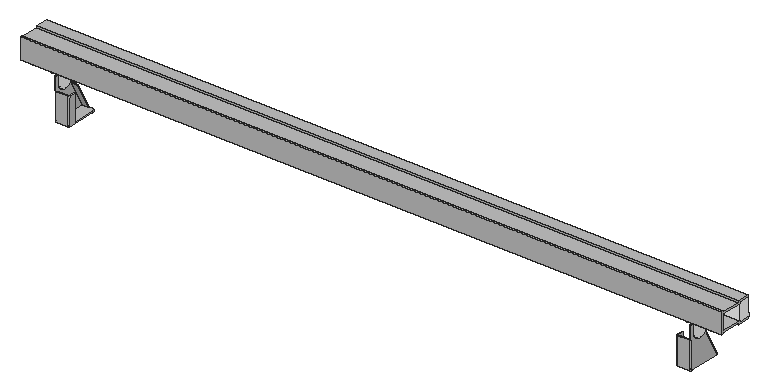
Revit family "4070762+4070746+4070771 Feilo Sylvania Lighting Fixture CURSUS 1161MM 770LM WIDE LED 4K with CONTINUOUS WALL HOUSING with 70MM WALL BRACKET", category Lighting Fixtures, host Face, Revit 2017
Family settings
  Host = Face
  Round Connector Dimension = Use Diameter
  Part Type = Normal
  OmniClass Number = 23.80.70.14
  OmniClass Title = Luminaries for External Lighting
  Cut with Voids When Loaded = Yes
  Light Source = No
  Shared = No
  Room Calculation Point = No
Parameters (values of type "4070762 CURSUS 1161MM 770LM WIDE LED 4K")
  Weight = "2.2 kg"
  Wattage Comments = "n/a"
  WarrantyStartDate [instance] = "n/a"
  WarrantyGuarantorParts = "n/a"
  WarrantyDurationUnit = "n/a"
  WarrantyDurationParts = "n/a"
  WarrantyDescription = "n/a"
  Voltage = 230 V
  URL = "http://www.sylvania-lighting.com"
  TypeName = "CURSUS 1161MM 770LM WIDE LED 4K"
  TypeFixture_FEILO = CURSUS with CONTINUOUS WALL HOUSING : CURSUS 1161MM 770LM WIDE LED 4K
  Type Image = <None>
  Type Comments = "n/a"
  TiltAngle [instance] = 0.00°
  StartAngle [instance] = TiltAngle + 270.00°  # 270.00°
  SerialNumber [instance] = "n/a"
  ReflectorMaterial = none
  PowerFactor = 0
  PowerConsumption = "18 W"
  NominalLength = 1161 mm
  NominalHeight = 50 mm
  NominalDepth = 30 mm
  Name = "CURSUS 1161MM 770LM WIDE LED 4K"
  ModelReference = Name  # "CURSUS 1161MM 770LM WIDE LED 4K"
  ModelNumber = "4070762"
  Model = Name  # "CURSUS 1161MM 770LM WIDE LED 4K"
  Material = "natural anodised extruded aluminium structure housing"
  ManufacturerName = "Feilo Sylvania"
  Manufacturer = "Feilo Sylvania"
  LuminousEfficacy = "42.77 lm/W"
  LuminaireType = ""
  LightOutputRatio = "100"
  LampsType = Lamp  # "LED"
  LampNominalLuminous = "770 lm"
  LampMacAdamStep = "n/a"
  LampColourTemperature = "4000 K"
  LampColourRenderingIndex = "80"
  Lamp = "LED"
  Keynote = "16500"
  InstallationDate [instance] = "n/a"
  InputVoltage = "220-240V~"
  InputNominalFrequency = "n/a"
  IngressProtection = "IP67"
  ImpactProtectionIndex = "IK07"
  IfcExportType = "IfcLightFixtureType"
  IfcExportAs = "IfcLightFixtureType"
  ExpectedLife = 50000
  EndAngle [instance] = StartAngle - 180.00°  # 90.00°
  ElectricShockClassification = "Class III"
  DurationUnit = "hours"
  DocumentationLiterature = "http://www.sylvania-lighting.com/product/en-int/products/4070762"
  DimmingControlOptions = "n/a"
  DiffuserMaterial = Diffuser-Sylvania-Glow
  Description = "LED Exterior Lighting Recessed Surface Mounted Linear Fixture, Natural anodised extruded aluminium structure. Die-cast aluminium end caps. Installation kit with harmonic steel springs., 770 lm, 18W,  42lm/W, 4000K, CRI80+,non dimmable,IP67, IK07, (HxWxD) 1161x50x30mm, 3 step Mac Adam Ellipse, 2.2kg,, Classe III, 21-25V-DC, energy class : A++, A+, A"
  Default Elevation = 1219.2 mm
  CreatedOn = "1/8/2018"
  CreatedBy = ""
  Cost = 0
  built-in parameter 1114216 [instance] = (empty or 0)
  ClassificationValue = "EF_70_80"
  ClassificationName = "Uniclass2015"
  BracketWidth = 24 mm
  BracketThickness = 2 mm
  BracketHeightEnd = 32 mm
  BracketHeight = 55 mm
  BracketFlange = BracketHeight / 5  # 11 mm
  BracketExtension = 70 mm
  BracketEndReduction = 25 mm
  BracketC = 22 mm  # constant formula
  BracketDistance = 1030 mm
  BracketD = BracketHeightEnd - (BracketC * (BracketHeight - BracketHeightEnd) / (BracketExtension - BracketEndReduction))  # 20.756 mm
  BodyMaterial = Body-Sylvania-Gray
  BarCode [instance] = "n/a"
  AssetType = "Fixed"
  AssetIdentifier [instance] = "n/a"
  Assembly Code = "D5020200"
  Apparent Load = 18 VA
  AccessoryMaterial = Diffuser-Sylvania-Glow
Reference planes
  plane 1 "Center (Front/Back)": y = 0
  plane 2: z = 0
  plane 3 "Center (Left/Right)": x = 0
  plane 4: x = -527
  plane 5: x = 527
  plane 6: y = 55
  plane 7: x = -503
  plane 8: x = 503
  plane 9: z = 70
  plane 10: z = 56
  plane 11: z = 2
  plane 12: z = 45
  plane 13: x = -525
  plane 14: y = 53
  plane 15: y = 2
  plane 16: x = -505
  plane 17: x = 505
  plane 18: x = 525
  plane 19: x = -515
  plane 20: x = 515
  plane 21: y = 11
  plane 22: y = 32
  plane 23: y = 30
  plane 24: z = 67
  plane 25: y = 20.756
  plane 26: y = 16
Forms (mm)
  Blend 1, solid, material "Body-Sylvania-Gray" <- "BodyMaterial"
    base sketch origin (1223.4, -4572, 2) x (0, -1, 0) y (1, 0, 0)
      loop
        line (-4625, -1738.4) -> (-4627, -1738.4) -> (-4627, -1748.4)
        arc (-4627, -1748.4) -> (-4626.414, -1749.814) -> (-4625, -1750.4) r 2
        line (-4625, -1750.4) -> (-4574, -1750.4)
        arc (-4574, -1750.4) -> (-4572.586, -1749.814) -> (-4572, -1748.4) r 2
        line (-4572, -1748.4) -> (-4572, -1728.4)
        arc (-4572, -1728.4) -> (-4572.586, -1726.986) -> (-4574, -1726.4) r 2
        line (-4574, -1726.4) -> (-4583, -1726.4) -> (-4583, -1728.4) -> (-4574, -1728.4) -> (-4574, -1748.4) -> (-4625, -1748.4) -> (-4625, -1738.4)
    top sketch origin (1223.4, -4572, 2) x (0, -1, 0) y (1, 0, 0)
      loop
        line (-4583, -1728.4) -> (-4574, -1728.4) -> (-4574, -1748.4) -> (-4602, -1748.4) -> (-4602, -1738.4) -> (-4604, -1738.4) -> (-4604, -1748.4)
        arc (-4604, -1748.4) -> (-4603.52, -1749.71) -> (-4602.309, -1750.4) r 2.028
        line (-4602.309, -1750.4) -> (-4574, -1750.4)
        arc (-4574, -1750.4) -> (-4572.586, -1749.814) -> (-4572, -1748.4) r 2
        line (-4572, -1748.4) -> (-4572, -1728.4)
        arc (-4572, -1728.4) -> (-4572.586, -1726.986) -> (-4574, -1726.4) r 2
        line (-4574, -1726.4) -> (-4583, -1726.4) -> (-4583, -1728.4)
    from 0 to 43
  Extrusion 2, solid, material "Body-Sylvania-Gray" <- "BodyMaterial"
    sketch origin (0, 0, 0) x (1, 0, 0) y (0, 1, 0)
      loop
        arc (-525, 55) -> (-526.414, 54.414) -> (-527, 53) r 2
        line (-527, 53) -> (-527, 2)
        arc (-527, 2) -> (-526.414, 0.586) -> (-525, 0) r 2
        line (-525, 0) -> (-505, 0)
        arc (-505, 0) -> (-503.586, 0.586) -> (-503, 2) r 2
        line (-503, 2) -> (-503, 47.5)
        arc (-503, 47.5) -> (-505.197, 52.803) -> (-510.5, 55) r 7.5
        line (-510.5, 55) -> (-525, 55)
      loop
        line (525, 55) -> (510.5, 55)
        arc (510.5, 55) -> (505.197, 52.803) -> (503, 47.5) r 7.5
        line (503, 47.5) -> (503, 2)
        arc (503, 2) -> (503.586, 0.586) -> (505, 0) r 2
        line (505, 0) -> (525, 0)
        arc (525, 0) -> (526.414, 0.586) -> (527, 2) r 2
        line (527, 2) -> (527, 53)
        arc (527, 53) -> (526.414, 54.414) -> (525, 55) r 2
    from 0 to 2
  Blend 3, solid, material "Body-Sylvania-Gray" <- "BodyMaterial"
    base sketch origin (1223.4, -4572, 2) x (0, -1, 0) y (1, 0, 0)
      loop
        line (-4625, -698.4) -> (-4574, -698.4) -> (-4574, -718.4) -> (-4583, -718.4) -> (-4583, -720.4) -> (-4574, -720.4)
        arc (-4574, -720.4) -> (-4572.586, -719.814) -> (-4572, -718.4) r 2
        line (-4572, -718.4) -> (-4572, -698.4)
        arc (-4572, -698.4) -> (-4572.586, -696.986) -> (-4574, -696.4) r 2
        line (-4574, -696.4) -> (-4625, -696.4)
        arc (-4625, -696.4) -> (-4626.414, -696.986) -> (-4627, -698.4) r 2
        line (-4627, -698.4) -> (-4627, -708.4) -> (-4625, -708.4) -> (-4625, -698.4)
    top sketch origin (1223.4, -4572, 2) x (0, -1, 0) y (1, 0, 0)
      loop
        line (-4602, -708.4) -> (-4602, -698.4) -> (-4574, -698.4) -> (-4574, -718.4) -> (-4583, -718.4) -> (-4583, -720.4) -> (-4574, -720.4)
        arc (-4574, -720.4) -> (-4572.586, -719.814) -> (-4572, -718.4) r 2
        line (-4572, -718.4) -> (-4572, -698.4)
        arc (-4572, -698.4) -> (-4572.586, -696.986) -> (-4574, -696.4) r 2
        line (-4574, -696.4) -> (-4602, -696.4)
        arc (-4602, -696.4) -> (-4603.414, -696.986) -> (-4604, -698.4) r 2
        line (-4604, -698.4) -> (-4604, -708.4) -> (-4602, -708.4)
    from 0 to 43
  Blend 4, solid, material "Body-Sylvania-Gray" <- "BodyMaterial"
    base sketch origin (1223.4, -4572, 45) x (0, -1, 0) y (1, 0, 0)
      loop
        line (-4604, -1750.4) -> (-4572, -1750.4) -> (-4572, -1748.4) -> (-4604, -1748.4) -> (-4604, -1750.4)
    top sketch origin (1223.4, -4572, 45) x (0, -1, 0) y (1, 0, 0)
      loop
        line (-4572, -1750.4) -> (-4572, -1748.4) -> (-4592.756, -1748.4) -> (-4592.756, -1750.4) -> (-4572, -1750.4)
    from 0 to 22
  Blend 5, solid, material "Body-Sylvania-Gray" <- "BodyMaterial"
    base sketch origin (1223.4, -4572, 45) x (0, -1, 0) y (1, 0, 0)
      loop
        line (-4604, -698.4) -> (-4572, -698.4) -> (-4572, -696.4) -> (-4604, -696.4) -> (-4604, -698.4)
    top sketch origin (1223.4, -4572, 45) x (0, -1, 0) y (1, 0, 0)
      loop
        line (-4572, -696.4) -> (-4592.756, -696.4) -> (-4592.756, -698.4) -> (-4572, -698.4) -> (-4572, -696.4)
    from 0 to 22
  Extrusion 6, void
    sketch origin (0, 0, 0) x (0, 1, 0) y (0, 0, 1)
      loop
        line (0, 45) -> (2, 45) -> (2, 46.5) -> (0, 46.5) -> (0, 45)
      loop
        line (32, 45) -> (32, 46.5) -> (30, 46.5) -> (30, 45) -> (32, 45)
    from -527 to 527
  Revolve 7, solid, not visible
    sketch origin (1524, 16, 1219.2) x (1, 0, 0) y (0, 0, 1)
      loop
        line (-1524, -1152.2) -> (-1524, -1163.2) -> (-1009, -1163.2) -> (-1009, -1152.2) -> (-1524, -1152.2)
      axis (-1009, -1163.2) -> (-1524, -1163.2)
    angle from 270 <- "StartAngle" to 90 <- "EndAngle"
Cuts and joins
  Extrusion 6 cuts Blend 4
  Extrusion 6 cuts Blend 5
  joined: Blend 1, Extrusion 2, Blend 3, Blend 4, Blend 5
Lines and regions (mm)
  reference lines, not visible
    curve 1: line (-503, 16, 56) -> (503, 16, 56)
Dimensions and locks
  equal spacing: plane 4, plane 3 "Center (Left/Right)", plane 5
  "BracketDistance": plane 19 to plane 20
  "BracketHeight": plane 1 "Center (Front/Back)" to plane 6
  equal spacing: plane 7, plane 3 "Center (Left/Right)", plane 8
  "BracketWidth": plane 4 to plane 7
  "BracketExtension": plane 9 to plane 2
  "BracketThickness": plane 11 to plane 2
  "BracketEndReduction": plane 9 to plane 12
  equal spacing: plane 13, plane 3 "Center (Left/Right)", plane 18
  equal spacing: plane 16, plane 3 "Center (Left/Right)", plane 17
  "BracketThickness": plane 4 to plane 13
  "BracketThickness": plane 16 to plane 7
  "BracketThickness": plane 14 to plane 6
  "BracketThickness": plane 1 "Center (Front/Back)" to plane 15
  equal spacing: plane 4, plane 19, plane 7
  equal spacing: plane 8, plane 20, plane 5
  "BracketFlange": plane 1 "Center (Front/Back)" to plane 21
  "BracketHeightEnd": plane 1 "Center (Front/Back)" to plane 22
  "BracketThickness": plane 23 to plane 22
  locked: Extrusion 2 sketch curve to plane 7 at 7.5
  locked: Extrusion 2 sketch curve to plane 6 at 7.5  (x2)
  locked: plane 8 to Extrusion 2 sketch curve at 7.5
  "BracketC": plane 24 to plane 12
  "BracketD": plane 1 "Center (Front/Back)" to plane 25
  locked: plane 12 to Extrusion 6 sketch curve at 1.5
  equal spacing: plane 24, plane 10, plane 12
  equal spacing: plane 1 "Center (Front/Back)", plane 26, plane 22
  aligned and locked: plane 2 to host face
  aligned and locked: level to host face
  aligned and locked: plane 4 to Blend 1 sketch curve  (x2)
  aligned and locked: plane 13 to Blend 1 sketch curve  (x3)
  aligned and locked: Blend 1 sketch curve to plane 15
  aligned and locked: Blend 1 sketch curve to plane 16
  aligned and locked: Blend 1 sketch curve to plane 21
  aligned and locked: plane 7 to Blend 1 sketch curve
  aligned and locked: plane 16 to Blend 1 sketch curve
  aligned and locked: plane 1 "Center (Front/Back)" to Blend 1 sketch curve
  aligned and locked: plane 14 to Blend 1 sketch curve
  aligned and locked: Blend 1 sketch curve to var sketch  (x6)
  aligned and locked: Blend 1 sketch curve to plane 19
  aligned and locked: Blend 1 sketch curve to plane 22
  aligned and locked: plane 23 to Blend 1 sketch curve
  aligned and locked: plane 11 to Blend 1
  aligned and locked: Extrusion 2 sketch curve to Blend 1  (x3)
  aligned and locked: Extrusion 2 to level
  aligned and locked: Extrusion 2 to plane 11
  aligned and locked: Extrusion 2 sketch curve to plane 7
  aligned and locked: plane 18 to Blend 3 sketch curve  (x4)
  aligned and locked: plane 14 to Blend 3 sketch curve  (x2)
  aligned and locked: Blend 3 sketch curve to plane 20
  aligned and locked: Blend 3 sketch curve to plane 6
  aligned and locked: plane 5 to Blend 3 sketch curve
  aligned and locked: plane 1 "Center (Front/Back)" to Blend 3 sketch curve
  aligned and locked: plane 15 to Blend 3 sketch curve  (x2)
  aligned and locked: Blend 3 sketch curve to plane 8
  aligned and locked: Blend 3 sketch curve to plane 21
  aligned and locked: plane 17 to Blend 3 sketch curve
  aligned and locked: Blend 3 sketch curve to plane 18
  aligned and locked: plane 20 to Blend 3 sketch curve  (x2)
  aligned and locked: Blend 3 sketch curve to plane 23
  aligned and locked: Blend 3 sketch curve to var sketch  (x8)
  aligned and locked: var sketch to Blend 3 sketch curve
  aligned and locked: plane 22 to Blend 3 sketch curve
  aligned and locked: plane 11 to Blend 3
  aligned and locked: Extrusion 2 sketch curve to Blend 3  (x4)
  aligned and locked: Blend 1 to plane 12
  aligned and locked: Blend 3 to plane 12
  aligned and locked: Blend 4 sketch curve to plane 22
  aligned and locked: Blend 4 sketch curve to cut or joined group of Blend 1, Extrusion 2, Blend 3, Blend 4, Blend 5, Extrusion 6  (x2)
  aligned and locked: cut or joined group of Blend 1, Extrusion 2, Blend 3, Blend 4, Blend 5, Extrusion 6 to Blend 4 sketch curve
  aligned and locked: Blend 4 sketch curve to var sketch  (x2)
  aligned and locked: Blend 4 sketch curve to plane 13
  aligned and locked: Blend 4 to plane 24
  aligned and locked: Blend 4 sketch curve to plane 25
  aligned and locked: Blend 5 sketch curve to plane 18  (x2)
  aligned and locked: plane 1 "Center (Front/Back)" to Blend 5 sketch curve
  aligned and locked: plane 5 to Blend 5 sketch curve
  aligned and locked: plane 22 to Blend 5 sketch curve
  aligned and locked: Blend 5 sketch curve to var sketch
  aligned and locked: var sketch to Blend 5 sketch curve
  aligned and locked: Blend 5 sketch curve to plane 25
  aligned and locked: Blend 5 to plane 24
  aligned and locked: plane 12 to Blend 5
  aligned and locked: Extrusion 6 sketch curve to cut or joined group of Blend 1, Extrusion 2, Blend 3, Blend 4, Blend 5, Extrusion 6  (x2)
  aligned and locked: Extrusion 6 sketch curve to Extrusion 6 sketch curve
  aligned and locked: Extrusion 6 sketch curve to plane 15
  aligned and locked: plane 5 to Extrusion 6
  aligned and locked: Extrusion 6 to plane 4
  aligned and locked: Extrusion 6 sketch curve to plane 23
  aligned and locked: Revolve 7 sketch curve to plane 10  (x2)
  aligned and locked: plane 24 to Revolve 7 sketch curve
  aligned and locked: plane 3 "Center (Left/Right)" to Revolve 7 sketch curve
  aligned and locked: Revolve 7 sketch curve to plane 20
  aligned and locked: plane 7 to curve 1
  aligned and locked: plane 10 to curve 1
  aligned and locked: nested 1 to plane 5
  aligned and locked: nested 2 to plane 4
  aligned and locked: nested 1 to curve 1
  aligned and locked: nested 2 to curve 1
  aligned and locked: nested 1 to nested 3
  aligned and locked: nested 3 to plane 3 "Center (Left/Right)"
Automatic sketch dimensions
  host sketch curve to host sketch curve = 2438.4 mm  (x2)
  Blend 1 sketch curve to plane 13 = 0 mm
  plane 15 to Blend 1 sketch curve = 0 mm  (x3)
  Blend 1 sketch curve to plane 23 = 0.309 mm
  plane 6 to Blend 1 sketch curve = 0 mm
  plane 14 to Blend 1 sketch curve = 0 mm
  Blend 1 sketch curve to plane 19 = 0 mm
  Blend 3 sketch curve to plane 17 = 0 mm
  Extrusion 6 sketch curve to plane 1 "Center (Front/Back)" = 0 mm
  plane 12 to Extrusion 6 sketch curve = 0 mm
  Revolve 7 sketch curve to plane 4 = 1153 mm
  plane 5 to Revolve 7 sketch curve = 1161.4 mm
  curve 1 to plane 8 = 0 mm
Nested families
  nested 1: "MountingPlate" at (526, 16, 56) x (-1, 0, 0) z (0, 0, 1), type "MountingPlate"
  nested 2: "MountingPlate" at (-526, 16, 56) x (-1, 0, 0) z (0, 0, 1), type "MountingPlate"
  nested 3: "CURSUS with CONTINUOUS WALL HOUSING" at (0, -4, 74) x (-1, 0, 0) z (0, 0, 1), type <- "TypeFixture_FEILO", type "CURSUS 1161MM 770LM WIDE LED 4K"
    with WarrantyStartDate "n/a", SerialNumber "n/a", InstallationDate "n/a", EndCapRight no, EndCapLeft no, built-in parameter 1114216 (empty or 0), BarCode "n/a", AssetIdentifier "n/a"
Connectors
  electrical at (0, 0, 0), driven by "Voltage", driven by "Apparent Load", driven by "PowerFactor", driven by "Apparent Load"
    settings: index 1, voltage 230 V, apparent load 18 VA, apparent load phase1 18 VA, apparent load phase2 0 VA, apparent load phase3 0 VA, power factor 0, load classification "Other", number of poles 1, system type 30, power factor state 1, is connector primary yes, connector utility no, sub classification motor no, connector description ""
Definition of nested family "MountingPlate"
  Parameters (values of type "MountingPlate")
    URL = "http://www.feilosylvania.com"
    Type Comments = "n/a"
    ReflectorMaterial = none
    MountingPlateWidth = 76 mm
    MountingPlateThickness = 2 mm
    MountingPlateRadiusBack = 12 mm
    MountingPlateRadius = 3 mm
    MountingPlateHeight = 35 mm
    Model = "n/a"
    Manufacturer = "Feilo Sylvania"
    Keynote = "n/a"
    DiffuserMaterial = none
    Description = "n/a"
    Default Elevation = 1219.2 mm
    Cost = 0
    BodyMaterial = none
    Assembly Code = "n/a"
    AccessoryMaterial = none
  Reference planes
    plane 1 "Center (Front/Back)": y = 0
    plane 2: z = 0
    plane 3 "Center (Left/Right)": x = 0
    plane 4: x = -38
    plane 5: x = 38
    plane 6: y = 17.5
    plane 7: y = -17.5
    plane 8: x = -3
    plane 9: x = 3
    plane 10: z = 18
    plane 11: z = 16
    plane 12: y = 12.5
    plane 13: y = -12.5
    plane 14: x = -1
    plane 15: x = 1
    plane 16: z = -12.5
    plane 17: z = -14.5
  Forms (mm)
    Extrusion 1, solid
      sketch origin (1.653, 0, 0) x (1, 0, 0) y (0, 1, 0)
        loop
          line (-1219.2, 1219.2) -> (-1219.2, -1219.2) -> (1219.2, -1219.2) -> (1219.2, 1219.2) -> (-1219.2, 1219.2)
      from 0 to -304.8
    Extrusion 2, solid, material <- "BodyMaterial"
      sketch origin (1218.4, -4572, 16) x (0, -1, 0) y (-1, 0, 0)
        loop
          line (-4589.5, 1253.4) -> (-4589.5, 1224.4)
          arc (-4589.5, 1224.4) -> (-4588.621, 1222.279) -> (-4586.5, 1221.4) r 3
          line (-4586.5, 1221.4) -> (-4557.5, 1221.4)
          arc (-4557.5, 1221.4) -> (-4555.379, 1222.279) -> (-4554.5, 1224.4) r 3
          line (-4554.5, 1224.4) -> (-4554.5, 1253.4)
          arc (-4554.5, 1253.4) -> (-4555.379, 1255.521) -> (-4557.5, 1256.4) r 3
          line (-4557.5, 1256.4) -> (-4586.5, 1256.4)
          arc (-4586.5, 1256.4) -> (-4588.621, 1255.521) -> (-4589.5, 1253.4) r 3
        loop
          arc (-4589.5, 1183.4) -> (-4588.621, 1181.279) -> (-4586.5, 1180.4) r 3
          line (-4586.5, 1180.4) -> (-4557.5, 1180.4)
          arc (-4557.5, 1180.4) -> (-4555.379, 1181.279) -> (-4554.5, 1183.4) r 3
          line (-4554.5, 1183.4) -> (-4554.5, 1212.4)
          arc (-4554.5, 1212.4) -> (-4555.379, 1214.521) -> (-4557.5, 1215.4) r 3
          line (-4557.5, 1215.4) -> (-4586.5, 1215.4)
          arc (-4586.5, 1215.4) -> (-4588.621, 1214.521) -> (-4589.5, 1212.4) r 3
          line (-4589.5, 1212.4) -> (-4589.5, 1183.4)
      from 0 to -2
    Extrusion 3, solid, material <- "BodyMaterial"
      sketch origin (0, 0, 0) x (1, 0, 0) y (0, 0, 1)
        loop
          line (-3, 18) -> (-3, -12.5) -> (-1, -12.5) -> (-1, 16)
          arc (-1, 16) -> (-1.586, 17.414) -> (-3, 18) r 2
        loop
          line (3, -12.5) -> (3, 18)
          arc (3, 18) -> (1.586, 17.414) -> (1, 16) r 2
          line (1, 16) -> (1, -12.5) -> (3, -12.5)
      from -12.5 to 12.5
    Extrusion 4, void
      sketch origin (0, 0, 0) x (0, 1, 0) y (0, 0, 1)
        loop
          line (-12.5, -0.5) -> (-17.5, -0.5) -> (-17.5, -14.5) -> (-0.5, -14.5) -> (-0.5, -12.5)
          arc (-0.5, -12.5) -> (-8.985, -8.985) -> (-12.5, -0.5) r 12
        loop
          line (0.5, -12.5) -> (0.5, -14.5) -> (17.5, -14.5) -> (17.5, -0.5) -> (12.5, -0.5)
          arc (12.5, -0.5) -> (8.985, -8.985) -> (0.5, -12.5) r 12
      from -3 to 3
  Cuts and joins
    Extrusion 4 cuts Extrusion 2
    Extrusion 4 cuts Extrusion 3
    joined: Extrusion 2, Extrusion 3
  Lines and regions (mm)
    reference lines
      curve 1: line (-38, 0, 0) -> (38, 0, 0)
  Dimensions and locks
    equal spacing: plane 4, plane 3 "Center (Left/Right)", plane 5
    "MountingPlateWidth": plane 4 to plane 5
    equal spacing: plane 7, plane 1 "Center (Front/Back)", plane 6
    "MountingPlateHeight": plane 7 to plane 6
    equal spacing: plane 8, plane 3 "Center (Left/Right)", plane 9
    "MountingPlateHeight": plane 4 to plane 8
    locked: plane 10 to plane 2 at 18
    "MountingPlateThickness": plane 10 to plane 11
    equal spacing: plane 13, plane 1 "Center (Front/Back)", plane 12
    locked: plane 13 to plane 12 at 25
    "MountingPlateRadius": plane 4 to Extrusion 2 sketch curve  (x2)
    "MountingPlateRadius": Extrusion 2 sketch curve to plane 6  (x4)
    "MountingPlateRadius": Extrusion 2 sketch curve to plane 8  (x2)
    "MountingPlateRadius": plane 7 to Extrusion 2 sketch curve  (x4)
    "MountingPlateRadius": plane 9 to Extrusion 2 sketch curve  (x2)
    "MountingPlateRadius": Extrusion 2 sketch curve to plane 5  (x2)
    equal spacing: plane 15, plane 3 "Center (Left/Right)", plane 14
    "MountingPlateThickness": plane 14 to plane 8
    locked: plane 2 to plane 16 at 12.5
    locked: plane 17 to plane 16 at 2
    "MountingPlateRadiusBack": plane 13 to Extrusion 4 sketch curve
    "MountingPlateRadiusBack": plane 16 to Extrusion 4 sketch curve  (x2)
    "MountingPlateRadiusBack": Extrusion 4 sketch curve to plane 12
    aligned and locked: plane 2 to Extrusion 1
    aligned and locked: level to Extrusion 1
    aligned and locked: Extrusion 2 sketch curve to plane 6
    aligned and locked: Extrusion 2 sketch curve to plane 4
    aligned and locked: plane 7 to Extrusion 2 sketch curve
    aligned and locked: plane 8 to Extrusion 2 sketch curve
    aligned and locked: plane 6 to Extrusion 2 sketch curve
    aligned and locked: Extrusion 2 sketch curve to plane 5
    aligned and locked: Extrusion 2 sketch curve to plane 7
    aligned and locked: plane 9 to Extrusion 2 sketch curve
    aligned and locked: Extrusion 2 to plane 10
    aligned and locked: plane 11 to Extrusion 2
    aligned and locked: Extrusion 3 sketch curve to Extrusion 2  (x2)
    aligned and locked: plane 16 to Extrusion 3 sketch curve  (x2)
    aligned and locked: plane 14 to Extrusion 3 sketch curve
    aligned and locked: plane 9 to Extrusion 3 sketch curve
    aligned and locked: plane 15 to Extrusion 3 sketch curve
    aligned and locked: Extrusion 3 to plane 12
    aligned and locked: plane 13 to Extrusion 3
    aligned and locked: plane 17 to Extrusion 4 sketch curve  (x2)
    aligned and locked: Extrusion 4 sketch curve to plane 7
    aligned and locked: Extrusion 4 sketch curve to plane 6
    aligned and locked: plane 9 to Extrusion 4
    aligned and locked: Extrusion 4 to plane 8
    aligned and locked: plane 4 to curve 1
    aligned and locked: curve 1 to level
  Automatic sketch dimensions
    Extrusion 1 sketch curve to Extrusion 1 sketch curve = 2438.4 mm  (x2)
    Extrusion 3 sketch curve to plane 11 = 0 mm
    curve 1 to plane 5 = 0 mm
    Extrusion 4 sketch curve to plane 13 = 0 mm
    Extrusion 4 sketch curve to plane 12 = 0 mm
Definition of nested family "CURSUS with CONTINUOUS WALL HOUSING"
  Parameters (values of type "CURSUS 1161MM 827LM OVAL LED 3K")
    Width_FEILO = 35 mm
    Weight = "2.2 kg"
    Wattage Comments = "n/a"
    Wattage = 18 W
    WarrantyStartDate [instance] = "n/a"
    WarrantyGuarantorParts = "n/a"
    WarrantyDurationUnit = "n/a"
    WarrantyDurationParts = "n/a"
    WarrantyDescription = "n/a"
    WallThickness_FEILO = 2.5 mm
    built-in parameter 1150110 = 1 (stored number, unit not read)
    Voltage = 24 V
    URL = "http://www.feilosylvania.com"
    TypeName = "CURSUS 1161MM 827LM OVAL LED 3K"
    Type Image = (empty or 0)
    Type Comments = "n/a"
    built-in parameter 1114217 = 1 (stored number, unit not read)
    Tilt Angle = -90.00°
    built-in parameter 1150109 = 1 (stored number, unit not read)
    built-in parameter 1150134 = (empty or 0)
    built-in parameter 1150113 = 1 (stored number, unit not read)
    SerialNumber [instance] = "n/a"
    ReflectorMaterial = none
    PowerFactor = 0
    PowerConsumption = "18 W"
    Photometric Web File = "4070765.ies"
    NominalLength = 1161 mm
    NominalHeight = 50 mm
    NominalDepth = 30 mm
    Name = "CURSUS 1161MM 827LM OVAL LED 3K"
    ModelReference = Name  # "CURSUS 1161MM 827LM OVAL LED 3K"
    ModelNumber = ""
    Model = Name  # "CURSUS 1161MM 827LM OVAL LED 3K"
    Material = "natural anodised extruded aluminium structure housing, optical system with pmma lenses diffuser"
    ManufacturerName = "Feilo Sylvania"
    Manufacturer = "Feilo Sylvania"
    LuminousEfficacy = "45.94 lm/W"
    built-in parameter 1150105 = 65.811 (stored number, unit not read)
    Lumens = 827 lm
    LuminaireType = ""
    built-in parameter 1150115 = 1 (stored number, unit not read)
    LightOutputRatio = "100"
    built-in parameter 1150137 = (empty or 0)
    built-in parameter 1150139 = (empty or 0)
    Length_FEILO = 1167 mm
    LampsType = Lamp  # "LED"
    LampNominalLuminous = "827 lm"
    LampMacAdamStep = "n/a"
    LampColourTemperature = "3000 K"
    LampColourRenderingIndex = "80"
    built-in parameter 1150112 = 1 (stored number, unit not read)
    built-in parameter 1150114 = 1 (stored number, unit not read)
    Lamp = "LED"
    Keynote = "16500"
    InstallationDate [instance] = "n/a"
    InputVoltage = "24V DC"
    InputNominalFrequency = "n/a"
    built-in parameter 1150132 = (empty or 0)
    built-in parameter 1150102 = (empty or 0)
    built-in parameter 1150107 = 3000 (stored number, unit not read)
    built-in parameter 1150138 = (empty or 0)
    IngressProtection = "IP67"
    ImpactProtectionIndex = "IK07"
    built-in parameter 1150106 = 0.65811 (stored number, unit not read)
    IfcExportType = "IfcLightFixtureType"
    IfcExportAs = "IfcLightFixtureType"
    ExpectedLife = 50000
    EndCapRight [instance] = no
    EndCapLeft [instance] = no
    Emit from Rectangle Width = Width_FEILO - WallThickness_FEILO * 2  # 30 mm
    Emit from Rectangle Length = Length_FEILO - WallThickness_FEILO * 2  # 1162 mm
    Emit Shape Visible in Rendering = no
    ElectricShockClassification = "Class III"
    built-in parameter 1150104 = 4.2684 (stored number, unit not read)
    DurationUnit = "hours"
    DocumentationLiterature = "http://www.feilosylvania.com/product/en-int/products/4070765"
    DimmingControlOptions = "n/a"
    Dimming Lamp Color Temperature Shift = (empty or 0)
    DiffuserMaterial = none
    Description = "LED Exterior Lighting Recessed Surface Mounted Linear Fixture, Natural anodised extruded aluminium structure. Die-cast aluminium end caps. Installation kit with harmonic steel springs., 827 lm, 18W, 45lm/W, 3000K, CRI80+,non dimmable,IP67, IK07, (HxWxD) 1161x50x30mm, 3 step Mac Adam Ellipse, 2.2kg,, Classe III, 21-25V-DC, energy class : A++, A+, A"
    Default Elevation = 1219.2 mm
    CreatedOn = "1/8/2018"
    CreatedBy = "aron.fodor@feilosylvania.com"
    Cost = 0
    Color Filter = 16777215
    built-in parameter 1114216 [instance] = (empty or 0)
    ClassificationValue = "EF_70_80"
    ClassificationName = "Uniclass2015"
    BodyMaterial = none
    BarCode [instance] = "n/a"
    built-in parameter 1114218 = 1 (stored number, unit not read)
    built-in parameter 1150133 = 10 (stored number, unit not read)
    AssetType = "Fixed"
    AssetIdentifier [instance] = "n/a"
    Assembly Code = "D5020200"
    Apparent Load = 18 VA
    AccessoryMaterial = none
  Types (16, lengths in mm): name | Weight | Wattage | Voltage | TypeName | built-in parameter 1150134 | PowerConsumption | Photometric Web File | NominalLength | Name | ModelReference | Model | Material | LuminousEfficacy | built-in parameter 1150105 | Lumens | Length_FEILO | LampNominalLuminous | LampColourTemperature | InputVoltage | InputNominalFrequency | built-in parameter 1150107 | built-in parameter 1150106 | Emit from Rectangle Length | built-in parameter 1150104 | DocumentationLiterature | Description | Apparent Load
    CURSUS 1161MM 827LM OVAL LED 3K | "2.2 kg" | 18 W | 24 V | "CURSUS 1161MM 827LM OVAL LED 3K" | (empty or 0) | "18 W" | "4070765.ies" | 1161 | "CURSUS 1161MM 827LM OVAL LED 3K" | "CURSUS 1161MM 827LM OVAL LED 3K" | "CURSUS 1161MM 827LM OVAL LED 3K" | "natural anodised extruded aluminium structure housing, optical system with pmma lenses diffuser" | "45.94 lm/W" | 65.811 (stored number, unit not read) | 827 lm | 1167 | "827 lm" | "3000 K" | "24V DC" | "n/a" | 3000 (stored number, unit not read) | 0.65811 (stored number, unit not read) | 1162 | 4.2684 (stored number, unit not read) | "http://www.feilosylvania.com/product/en-int/products/4070765" | "LED Exterior Lighting Recessed Surface Mounted Linear Fixture, Natural anodised extruded aluminium structure. Die-cast aluminium end caps. Installation kit with harmonic steel springs., 827 lm, 18W, 45lm/W, 3000K, CRI80+,non dimmable,IP67, IK07, (HxWxD) 1161x50x30mm, 3 step Mac Adam Ellipse, 2.2kg,, Classe III, 21-25V-DC, energy class : A++, A+, A" | 18 VA
    CURSUS 1161MM 731LM WIDE LED 3K | "2.2 kg" | 18 W | 230 V | "CURSUS 1161MM 731LM WIDE LED 3K" | (empty or 0) | "18 W" | "4070764.ies" | 1161 | "CURSUS 1161MM 731LM WIDE LED 3K" | "CURSUS 1161MM 731LM WIDE LED 3K" | "CURSUS 1161MM 731LM WIDE LED 3K" | "natural anodised extruded aluminium structure housing" | "40.61 lm/W" | 58.171 (stored number, unit not read) | 731 lm | 1167 | "731 lm" | "3000 K" | "220-240V~" | "n/a" | 3000 (stored number, unit not read) | 0.58171 (stored number, unit not read) | 1162 | 3.7729 (stored number, unit not read) | "http://www.feilosylvania.com/product/en-int/products/4070764" | "LED Exterior Lighting Recessed Surface Mounted Linear Fixture, Natural anodised extruded aluminium structure. Die-cast aluminium end caps. Installation kit with harmonic steel springs., 731 lm, 18W, 40lm/W, 3000K, CRI80+,non dimmable,IP67, IK07, (HxWxD) 1161x50x30mm, 3 step Mac Adam Ellipse, 2.2kg,, Classe III, 21-25V-DC, energy class : A++, A+, A" | 18 VA
    CURSUS 1161MM 871LM OVAL LED 4K | "2.2 kg" | 18 W | 24 V | "CURSUS 1161MM 871LM OVAL LED 4K" | 12 | "18 W" | "4070763.ies" | 1161 | "CURSUS 1161MM 871LM OVAL LED 4K" | "CURSUS 1161MM 871LM OVAL LED 4K" | "CURSUS 1161MM 871LM OVAL LED 4K" | "natural anodised extruded aluminium structure housing, optical system with pmma lenses diffuser" | "48.38 lm/W" | 69.312 (stored number, unit not read) | 871 lm | 1167 | "871 lm" | "4000 K" | "24V DC" | "50/60 Hz" | 4000 (stored number, unit not read) | 0.69312 (stored number, unit not read) | 1162 | 4.4955 (stored number, unit not read) | "http://www.feilosylvania.com/product/en-int/products/4070763" | "LED Exterior Lighting Recessed Surface Mounted Linear Fixture, Natural anodised extruded aluminium structure. Die-cast aluminium end caps. Installation kit with harmonic steel springs., 871 lm, 18W,  48lm/W, 4000K, CRI80+,non dimmable,IP67, IK07, (HxWxD) 1161x50x30mm, 3 step Mac Adam Ellipse, 2.2kg,, Classe III, 21-25V-DC, energy class : A++, A+, A" | 18 VA
    CURSUS 1161MM 770LM WIDE LED 4K | "2.2 kg" | 18 W | 230 V | "CURSUS 1161MM 770LM WIDE LED 4K" | 12 | "18 W" | "4070762.ies" | 1161 | "CURSUS 1161MM 770LM WIDE LED 4K" | "CURSUS 1161MM 770LM WIDE LED 4K" | "CURSUS 1161MM 770LM WIDE LED 4K" | "natural anodised extruded aluminium structure housing" | "42.77 lm/W" | 61.275 (stored number, unit not read) | 770 lm | 1167 | "770 lm" | "4000 K" | "220-240V~" | "n/a" | 4000 (stored number, unit not read) | 0.61275 (stored number, unit not read) | 1162 | 3.9742 (stored number, unit not read) | "http://www.feilosylvania.com/product/en-int/products/4070762" | "LED Exterior Lighting Recessed Surface Mounted Linear Fixture, Natural anodised extruded aluminium structure. Die-cast aluminium end caps. Installation kit with harmonic steel springs., 770 lm, 18W,  42lm/W, 4000K, CRI80+,non dimmable,IP67, IK07, (HxWxD) 1161x50x30mm, 3 step Mac Adam Ellipse, 2.2kg,, Classe III, 21-25V-DC, energy class : A++, A+, A" | 18 VA
    CURSUS 876MM 620LM OVAL LED 3K | "1.7 kg" | 13.5 W | 24 V | "CURSUS 876MM 620LM OVAL LED 3K" | (empty or 0) | "13.5 W" | "4070758.ies" | 876 | "CURSUS 876MM 620LM OVAL LED 3K" | "CURSUS 876MM 620LM OVAL LED 3K" | "CURSUS 876MM 620LM OVAL LED 3K" | "natural anodised extruded aluminium structure housing, optical system with pmma lenses diffuser" | "45.92 lm/W" | 49.338 (stored number, unit not read) | 620 lm | 882 | "620 lm" | "3000 K" | "24V DC" | "50/60 Hz" | 3000 (stored number, unit not read) | 0.49338 (stored number, unit not read) | 877 | 4.2667 (stored number, unit not read) | "http://www.feilosylvania.com/product/en-int/products/4070758" | "LED Exterior Lighting Recessed Surface Mounted Linear Fixture, Natural anodised extruded aluminium structure. Die-cast aluminium end caps. Installation kit with harmonic steel springs., 620 lm, 13,5W, 45lm/W, 3000K, CRI80+,non dimmable,IP67, IK07, (HxWxD) 876x50x30mm, 3 step Mac Adam Ellipse, 1.7kg,, Classe III, 21-25V-DC, energy class : A++, A+, A" | 13.5 VA
    CURSUS 876MM 548LM WIDE LED 3K | "1.7 kg" | 13.5 W | 24 V | "CURSUS 876MM 548LM WIDE LED 3K" | (empty or 0) | "13.5 W" | "4070757.ies" | 876 | "CURSUS 876MM 548LM WIDE LED 3K" | "CURSUS 876MM 548LM WIDE LED 3K" | "CURSUS 876MM 548LM WIDE LED 3K" | "natural anodised extruded aluminium structure housing" | "40.59 lm/W" | 43.608 (stored number, unit not read) | 548 lm | 882 | "548 lm" | "3000 K" | "24V DC" | "n/a" | 3000 (stored number, unit not read) | 0.43608 (stored number, unit not read) | 877 | 3.7712 (stored number, unit not read) | "http://www.feilosylvania.com/product/en-int/products/4070757" | "LED Exterior Lighting Recessed Surface Mounted Linear Fixture, Natural anodised extruded aluminium structure. Die-cast aluminium end caps. Installation kit with harmonic steel springs., 548 lm, 13,5W, 40lm/W, 3000K, CRI80+,non dimmable,IP67, IK07, (HxWxD) 876x50x30mm, 3 step Mac Adam Ellipse, 1.7kg,, Classe III, 21-25V-DC, energy class : A++, A+, A" | 13.5 VA
    CURSUS 876MM 653LM OVAL LED 4K | "1.7 kg" | 13.5 W | 24 V | "CURSUS 876MM 653LM OVAL LED 4K" | 12 | "13.5 W" | "4070756.ies" | 876 | "CURSUS 876MM 653LM OVAL LED 4K" | "CURSUS 876MM 653LM OVAL LED 4K" | "CURSUS 876MM 653LM OVAL LED 4K" | "natural anodised extruded aluminium structure housing, optical system with pmma lenses diffuser" | "48.37 lm/W" | 51.964 (stored number, unit not read) | 653 lm | 882 | "653 lm" | "4000 K" | "24V DC" | "n/a" | 4000 (stored number, unit not read) | 0.51964 (stored number, unit not read) | 877 | 4.4938 (stored number, unit not read) | "http://www.feilosylvania.com/product/en-int/products/4070756" | "LED Exterior Lighting Recessed Surface Mounted Linear Fixture, Natural anodised extruded aluminium structure. Die-cast aluminium end caps. Installation kit with harmonic steel springs., 653 lm, 13,5W,  48lm/W, 4000K, CRI80+,non dimmable,IP67, IK07, (HxWxD) 876x50x30mm, 3 step Mac Adam Ellipse, 1.7kg,, Classe III, 21-25V-DC, energy class : A++, A+, A" | 13.5 VA
    CURSUS 876MM 577LM WIDE LED 4K | "1.7 kg" | 13.5 W | 24 V | "CURSUS 876MM 577LM WIDE LED 4K" | 12 | "13.5 W" | "4070755.ies" | 876 | "CURSUS 876MM 577LM WIDE LED 4K" | "CURSUS 876MM 577LM WIDE LED 4K" | "CURSUS 876MM 577LM WIDE LED 4K" | "natural anodised extruded aluminium structure housing" | "42.74 lm/W" | 45.916 (stored number, unit not read) | 577 lm | 882 | "577 lm" | "4000 K" | "24V DC" | "n/a" | 4000 (stored number, unit not read) | 0.45916 (stored number, unit not read) | 877 | 3.9707 (stored number, unit not read) | "http://www.feilosylvania.com/product/en-int/products/4070755" | "LED Exterior Lighting Recessed Surface Mounted Linear Fixture, Natural anodised extruded aluminium structure. Die-cast aluminium end caps. Installation kit with harmonic steel springs., 577 lm, 13,5W,  42lm/W, 4000K, CRI80+,non dimmable,IP67, IK07, (HxWxD) 876x50x30mm, 3 step Mac Adam Ellipse, 1.7kg,, Classe III, 21-25V-DC, energy class : A++, A+, A" | 13.5 VA
    CURSUS 591MM 414LM OVAL LED 3K | "1.2 kg" | 9 W | 24 V | "CURSUS 591MM 414LM OVAL LED 3K" | (empty or 0) | "9 W" | "4070751.ies" | 591 | "CURSUS 591MM 414LM OVAL LED 3K" | "CURSUS 591MM 414LM OVAL LED 3K" | "CURSUS 591MM 414LM OVAL LED 3K" | "natural anodised extruded aluminium structure housing, optical system with pmma lenses diffuser" | "46 lm/W" | 32.945 (stored number, unit not read) | 414 lm | 597 | "414 lm" | "3000 K" | "24V DC" | "n/a" | 3000 (stored number, unit not read) | 0.32945 (stored number, unit not read) | 592 | 4.2735 (stored number, unit not read) | "http://www.feilosylvania.com/product/en-int/products/4070751" | "LED Exterior Lighting Recessed Surface Mounted Linear Fixture, Natural anodised extruded aluminium structure. Die-cast aluminium end caps. Installation kit with harmonic steel springs., 414 lm, 9W, 46lm/W, 3000K, CRI80+,non dimmable,IP67, IK07, (HxWxD) 591x50x30mm, 3 step Mac Adam Ellipse, 1.2kg,, Classe III, 21-25V-DC, energy class : A++, A+, A" | 9 VA
    CURSUS 591MM 365LM WIDE LED 3K | "1.2 kg" | 9 W | 24 V | "CURSUS 591MM 365LM WIDE LED 3K" | (empty or 0) | "9 W" | "4070750.ies" | 591 | "CURSUS 591MM 365LM WIDE LED 3K" | "CURSUS 591MM 365LM WIDE LED 3K" | "CURSUS 591MM 365LM WIDE LED 3K" | "natural anodised extruded aluminium structure housing" | "40.55 lm/W" | 29.046 (stored number, unit not read) | 365 lm | 597 | "365 lm" | "3000 K" | "24V DC" | "n/a" | 3000 (stored number, unit not read) | 0.29046 (stored number, unit not read) | 592 | 3.7677 (stored number, unit not read) | "http://www.feilosylvania.com/product/en-int/products/4070750" | "LED Exterior Lighting Recessed Surface Mounted Linear Fixture, Natural anodised extruded aluminium structure. Die-cast aluminium end caps. Installation kit with harmonic steel springs., 365 lm, 9W, 40lm/W, 3000K, CRI80+,non dimmable,IP67, IK07, (HxWxD) 591x50x30mm, 3 step Mac Adam Ellipse, 1.2kg,, Classe III, 21-25V-DC, energy class : A++, A+, A" | 9 VA
    CURSUS 591MM 435LM OVAL LED 4K | "1.2 kg" | 9 W | 24 V | "CURSUS 591MM 435LM OVAL LED 4K" | 12 | "9 W" | "4070749.ies" | 591 | "CURSUS 591MM 435LM OVAL LED 4K" | "CURSUS 591MM 435LM OVAL LED 4K" | "CURSUS 591MM 435LM OVAL LED 4K" | "natural anodised extruded aluminium structure housing, optical system with pmma lenses diffuser" | "48.33 lm/W" | 34.616 (stored number, unit not read) | 435 lm | 597 | "435 lm" | "4000 K" | "24V DC" | "n/a" | 4000 (stored number, unit not read) | 0.34616 (stored number, unit not read) | 592 | 4.4903 (stored number, unit not read) | "http://www.feilosylvania.com/product/en-int/products/4070749" | "LED Exterior Lighting Recessed Surface Mounted Linear Fixture, Natural anodised extruded aluminium structure. Die-cast aluminium end caps. Installation kit with harmonic steel springs., 435 lm, 9W, 48lm/W, 4000K, CRI80+,non dimmable,IP67, IK07, (HxWxD) 591x50x30mm, 3 step Mac Adam Ellipse, 1.2kg,, Classe III, 21-25V-DC, energy class : A++, A+, A" | 9 VA
    CURSUS 591MM 385LM WIDE LED 4K | "1.2 kg" | 9 W | 24 V | "CURSUS 591MM 385LM WIDE LED 4K" | 12 | "9 W" | "4070748.ies" | 591 | "CURSUS 591MM 385LM WIDE LED 4K" | "CURSUS 591MM 385LM WIDE LED 4K" | "CURSUS 591MM 385LM WIDE LED 4K" | "natural anodised extruded aluminium structure housing" | "42.77 lm/W" | 30.637 (stored number, unit not read) | 385 lm | 597 | "385 lm" | "4000 K" | "24V DC" | "n/a" | 4000 (stored number, unit not read) | 0.30637 (stored number, unit not read) | 592 | 3.9742 (stored number, unit not read) | "http://www.feilosylvania.com/product/en-int/products/4070748" | "LED Exterior Lighting Recessed Surface Mounted Linear Fixture, Natural anodised extruded aluminium structure. Die-cast aluminium end caps. Installation kit with harmonic steel springs., 385 lm, 9W,  42lm/W, 4000K, CRI80+,non dimmable,IP67, IK07, (HxWxD) 591x50x30mm, 3 step Mac Adam Ellipse, 1.2kg,, Classe III, 21-25V-DC, energy class : A++, A+, A" | 9 VA
    CURSUS 306MM 207LM OVAL LED3K | "0.6 kg" | 4.5 W | 24 V | "CURSUS 306MM 207LM OVAL LED3K" | (empty or 0) | "4.5 W" | "4070744.ies" | 306 | "CURSUS 306MM 207LM OVAL LED3K" | "CURSUS 306MM 207LM OVAL LED3K" | "CURSUS 306MM 207LM OVAL LED3K" | "natural anodised extruded aluminium structure housing, optical system with pmma lenses diffuser" | "46 lm/W" | 16.473 (stored number, unit not read) | 207 lm | 312 | "207 lm" | "3000 K" | "24V DC" | "n/a" | 3000 (stored number, unit not read) | 0.16473 (stored number, unit not read) | 307 | 4.2735 (stored number, unit not read) | "http://www.feilosylvania.com/product/en-int/products/4070744" | "LED Exterior Lighting Recessed Surface Mounted Linear Fixture, Natural anodised extruded aluminium structure. Die-cast aluminium end caps. Installation kit with harmonic steel springs., 207 lm, 4,5W, 46lm/W, 3000K, CRI80+,non dimmable,IP67, IK07, (HxWxD) 306x50x30mm, 3 step Mac Adam Ellipse, 0.6kg,, Classe III, 21-25V-DC, energy class : A++, A+, A" | 4.5 VA
    CURSUS 306MM 183LM WIDE LED 3K | "0.6 kg" | 4.5 W | 24 V | "CURSUS 306MM 183LM WIDE LED 3K" | (empty or 0) | "4.5 W" | "4070743.ies" | 306 | "CURSUS 306MM 183LM WIDE LED 3K" | "CURSUS 306MM 183LM WIDE LED 3K" | "CURSUS 306MM 183LM WIDE LED 3K" | "natural anodised extruded aluminium structure housing" | "40.66 lm/W" | 14.563 (stored number, unit not read) | 183 lm | 312 | "183 lm" | "3000 K" | "24V DC" | "n/a" | 3000 (stored number, unit not read) | 0.14563 (stored number, unit not read) | 307 | 3.7781 (stored number, unit not read) | "http://www.feilosylvania.com/product/en-int/products/4070743" | "LED Exterior Lighting Recessed Surface Mounted Linear Fixture, Natural anodised extruded aluminium structure. Die-cast aluminium end caps. Installation kit with harmonic steel springs., 183 lm, 4,5W, 40lm/W, 3000K, CRI80+,non dimmable,IP67, IK07, (HxWxD) 306x50x30mm, 3 step Mac Adam Ellipse, 0.6kg,, Classe III, 21-25V-DC, energy class : A++, A+, A" | 4.5 VA
    CURSUS 306MM 218LM OVAL LED 4K | "0.6 kg" | 4.5 W | 24 V | "CURSUS 306MM 218LM OVAL LED 4K" | 12 | "4.5 W" | "4070742.ies" | 306 | "CURSUS 306MM 218LM OVAL LED 4K" | "CURSUS 306MM 218LM OVAL LED 4K" | "CURSUS 306MM 218LM OVAL LED 4K" | "natural anodised extruded aluminium structure housing, optical system with pmma lenses diffuser" | "48.44 lm/W" | 17.348 (stored number, unit not read) | 218 lm | 312 | "218 lm" | "4000 K" | "24V DC" | "n/a" | 4000 (stored number, unit not read) | 0.17348 (stored number, unit not read) | 307 | 4.5006 (stored number, unit not read) | "http://www.feilosylvania.com/product/en-int/products/4070742" | "LED Exterior Lighting Recessed Surface Mounted Linear Fixture, Natural anodised extruded aluminium structure. Die-cast aluminium end caps. Installation kit with harmonic steel springs., 218 lm, 4,5W,  48lm/W, 4000K, CRI80+,non dimmable,IP67, IK07, (HxWxD) 306x50x30mm, 3 step Mac Adam Ellipse, 0.6kg,, Classe III, 21-25V-DC, energy class : A++, A+, A" | 4.5 VA
    CURSUS 306MM 192LM WIDE LED 4K | "0.6 kg" | 4.5 W | 24 V | "CURSUS 306MM 192LM WIDE LED 4K" | 12 | "4.5 W" | "4070741.ies" | 306 | "CURSUS 306MM 192LM WIDE LED 4K" | "CURSUS 306MM 192LM WIDE LED 4K" | "CURSUS 306MM 192LM WIDE LED 4K" | "natural anodised extruded aluminium structure housing" | "42.66 lm/W" | 15.279 (stored number, unit not read) | 192 lm | 312 | "192 lm" | "4000 K" | "24V DC" | "n/a" | 4000 (stored number, unit not read) | 0.15279 (stored number, unit not read) | 307 | 3.9639 (stored number, unit not read) | "http://www.feilosylvania.com/product/en-int/products/4070741" | "LED Exterior Lighting Recessed Surface Mounted Linear Fixture, Natural anodised extruded aluminium structure. Die-cast aluminium end caps. Installation kit with harmonic steel springs., 192 lm, 4,5W,  42lm/W, 4000K, CRI80+,non dimmable,IP67, IK07, (HxWxD) 306x50x30mm, 3 step Mac Adam Ellipse, 0.6kg,, Classe III, 21-25V-DC, energy class : A++, A+, A" | 4.5 VA
  Reference planes
    plane 1 "Center (Front/Back)": y = 0
    plane 2: z = 0
    plane 3 "Center (Left/Right)": x = 0
    plane 4: x = 583.5
    plane 5: x = -583.5
    plane 6: x = -581
    plane 7: x = 581
    plane 8: z = 35
    plane 9: z = 17.5
    plane 10: z = 32.5
    plane 11: z = 2.5
    plane 12: z = 30
    plane 13: z = 5
    plane 14: y = -55
    plane 15: y = -53
    plane 16: y = -2.5
    plane 17: y = -37
    plane 18: y = -34.5
  Forms (mm)
    Extrusion 1, solid
      sketch origin (4.2, 0, 0) x (1, 0, 0) y (0, 1, 0)
        loop
          line (-1219.2, 1219.2) -> (-1219.2, -1219.2) -> (1219.2, -1219.2) -> (1219.2, 1219.2) -> (-1219.2, 1219.2)
      from 0 to -304.8
    Extrusion 2, solid, material <- "BodyMaterial"
      sketch origin (0, 0, 0) x (0, 1, 0) y (0, 0, 1)
        loop
          line (0, 35) -> (-2.5, 35) -> (-2.5, 32.5) -> (-34.5, 32.5) -> (-34.5, 35) -> (-55, 35) -> (-55, 32.5) -> (-37, 32.5) -> (-37, 30) -> (-2.5, 30) -> (-2.5, 5) -> (-37, 5) -> (-37, 2.5) -> (-55, 2.5) -> (-55, 0) -> (-34.5, 0) -> (-34.5, 2.5) -> (-2.5, 2.5) -> (-2.5, 0) -> (0, 0) -> (0, 35)
      from -581 to 581
    Extrusion 3, solid, material <- "DiffuserMaterial"
      sketch origin (0, 0, 0) x (0, 1, 0) y (0, 0, 1)
        loop
          line (-37, 32.5) -> (-55, 32.5) -> (-55, 19.5) -> (-53, 17.5) -> (-55, 15.5) -> (-55, 2.5) -> (-37, 2.5) -> (-37, 32.5)
      from -581 to 581
    Extrusion 4, solid, material <- "BodyMaterial", visible <- "EndCapRight"
      sketch origin (581, 1524, 1219.2) x (0, 1, 0) y (0, 0, 1)
        loop
          line (-1579, -1184.2) -> (-1579, -1219.2) -> (-1524, -1219.2) -> (-1524, -1184.2) -> (-1579, -1184.2)
      from 0 to 2.5
    Extrusion 5, solid, material <- "BodyMaterial", visible <- "EndCapLeft"
      sketch origin (-581, 1524, 1219.2) x (0, 1, 0) y (0, 0, 1)
        loop
          line (-1579, -1184.2) -> (-1579, -1219.2) -> (-1524, -1219.2) -> (-1524, -1184.2) -> (-1579, -1184.2)
      from -2.5 to 0
  Dimensions and locks
    equal spacing: plane 5, plane 3 "Center (Left/Right)", plane 4
    "Length_FEILO": plane 5 to plane 4
    equal spacing: plane 6, plane 3 "Center (Left/Right)", plane 7
    "WallThickness_FEILO": plane 5 to plane 6
    locked: plane 9 to plane 2 at 17.5
    locked: plane 8 to plane 2 at 35
    equal spacing: plane 11, plane 9, plane 10
    equal spacing: plane 13, plane 9, plane 12
    "WallThickness_FEILO": plane 12 to plane 10
    locked: plane 14 to plane 15 at 2
    locked: plane 14 to plane 17 at 18
    "WallThickness_FEILO": plane 17 to plane 18
    "WallThickness_FEILO": plane 16 to plane 1 "Center (Front/Back)"
    locked: plane 15 to Extrusion 3 sketch curve (angle 45.00°)
    locked: Extrusion 3 sketch curve to plane 15 (angle 45.00°)
    aligned and locked: plane 2 to Extrusion 1
    aligned and locked: level to Extrusion 1
    aligned and locked: plane 1 "Center (Front/Back)" to Extrusion 2 sketch curve
    aligned and locked: Extrusion 2 sketch curve to plane 8  (x2)
    aligned and locked: plane 16 to Extrusion 2 sketch curve
    aligned and locked: Extrusion 1 to Extrusion 2 sketch curve
    aligned and locked: Extrusion 2 sketch curve to plane 16  (x2)
    aligned and locked: Extrusion 2 sketch curve to plane 11
    aligned and locked: plane 18 to Extrusion 2 sketch curve
    aligned and locked: level to Extrusion 2 sketch curve
    aligned and locked: plane 11 to Extrusion 2 sketch curve
    aligned and locked: Extrusion 2 sketch curve to plane 17
    aligned and locked: plane 13 to Extrusion 2 sketch curve
    aligned and locked: Extrusion 2 sketch curve to plane 12
    aligned and locked: plane 10 to Extrusion 2 sketch curve  (x2)
    aligned and locked: plane 17 to Extrusion 2 sketch curve  (x2)
    aligned and locked: plane 12 to Extrusion 2 sketch curve
    aligned and locked: Extrusion 2 sketch curve to plane 10
    aligned and locked: Extrusion 2 sketch curve to plane 18
    aligned and locked: plane 7 to Extrusion 2
    aligned and locked: Extrusion 2 to plane 6
    aligned and locked: Extrusion 3 sketch curve to Extrusion 2  (x4)
    aligned and locked: Extrusion 2 to Extrusion 3 sketch curve
    aligned and locked: plane 9 to Extrusion 3 sketch curve
    aligned and locked: plane 7 to Extrusion 3
    aligned and locked: Extrusion 3 to plane 6
    aligned and locked: Extrusion 4 sketch curve to Extrusion 2  (x4)
    aligned and locked: plane 4 to Extrusion 4
    aligned and locked: Extrusion 4 to plane 7
    aligned and locked: Extrusion 5 sketch curve to Extrusion 4  (x3)
    aligned and locked: Extrusion 5 sketch curve to Extrusion 2
    aligned and locked: Extrusion 5 to plane 5
    aligned and locked: plane 6 to Extrusion 5
    aligned and locked: plane 14 to imposter light
    aligned and locked: imposter light to plane 9
    aligned and locked: plane 3 "Center (Left/Right)" to imposter light
  Automatic sketch dimensions
    Extrusion 1 sketch curve to Extrusion 1 sketch curve = 2438.4 mm  (x2)
    Extrusion 2 sketch curve to plane 14 = 0 mm  (x2)
    Extrusion 3 sketch curve to plane 15 = 0 mm
  Connectors
    electrical at (0, 0, 0), driven by "Apparent Load", driven by "PowerFactor", driven by "Voltage"
      settings: index 1, voltage 24 V, apparent load 18 VA, apparent load phase1 0 VA, apparent load phase2 0 VA, apparent load phase3 0 VA, power factor 0, load classification none, number of poles 1, system type 30, power factor state 1, is connector primary yes, connector utility no, sub classification motor no, connector description ""
